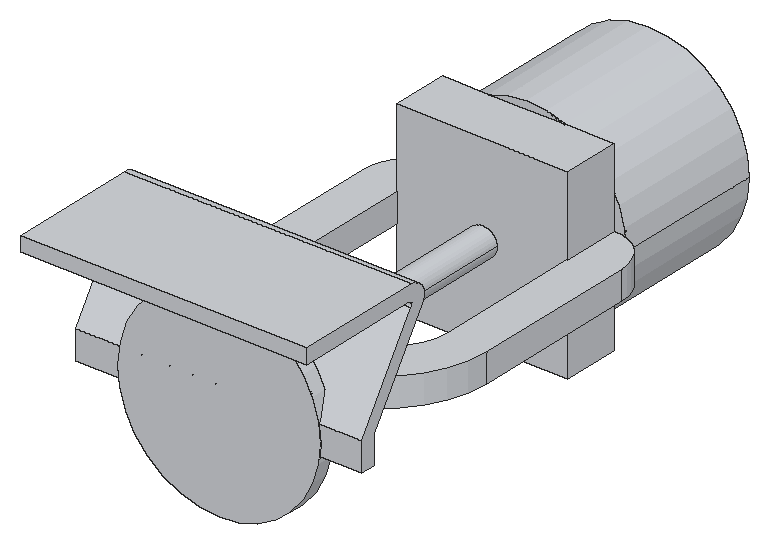
Revit family
Parameters (values of type "RASCO SW56 HSW")
  Temperature Rating = 135 °F
  Response = 1
  RASCO SIN # = "R6834"
  RASCO Part # = "SWH0B"
  Pressure Rating = "300 PSI"
  Pressure Class = 1
  Orifice Size = 1/2"
  Orifice = (empty or 0)
  Model = "SW56"
  Manufacturer = "RASCO"
  K-Factor = 5.6
  Description = "Bronze Finish"
  Coverage = (empty or 0)
Reference planes (in)
  plane 1 "Center (Front/Back)": y = 0
  plane 2: z = 0
  plane 3 "Center (Left/Right)": x = 0
Dimensions and locks (in)
  aligned and locked: plane 2 to level
Nested families (in)
  nested 1: "SWH0B" at (0, 0, -0.38421), type "RASCO SW56 HSW"
Connectors (in)
  piping at (-0.01236, 1.34926, 0.87163)
    settings: on nested 1, index 1, connector radius 115/256", flow factor 0, pipe flow 0 GPM, pressure drop 0.00 psi, fitting loss kfactor 0, connector angle 0.00°, fixture units 0, flow configuration 0, flow direction 0, fitting loss method 0, system type 7, connector reference index -1, connector utility 0, adjustable connector no, is connector primary yes, fitting loss table "", connector description ""
Definition of nested family "SWH0B"
  Parameters (values of type "RASCO SW56 HSW")
    Type Comments = ""
    Temperature Rating = 0 °F
    Response = (empty or 0)
    Pressure Rating = "0"
    Pressure Class = (empty or 0)
    Orifice Size = 0"
    Orifice = (empty or 0)
    Model = ""
    Manufacturer = ""
    K-Factor = 0
    Description = ""
    Coverage = (empty or 0)
    Assembly Code = ""
  Reference planes (in)
    plane 1 "Center (Front/Back)": y = 0
    plane 2: z = 0
    plane 3 "ref.2": z = 0.6875
    plane 4 "ref.3": z = 0.9375
    plane 5: x = -0.38065
    plane 6: x = 0.36935
    plane 7 "ref. side 1": y = 0.06402
    plane 8 "ref. side 2": y = -0.06098
    plane 9 "ref.4": z = 1.875
    plane 10 "ref.5": z = 2.3125
    plane 11 "ref.6": z = 2.4375
    plane 12 "center": x = -0.00574
  Forms (in)
    Extrusion 1, solid
      sketch origin (-0.01236, 1.37309, 1.25584) x (-1, 0, 0) y (0, 0, -1)
        loop
          circle (0, 0) r 0.4379
      from 0.02383 to 0.6875
    Extrusion 2, solid
      sketch origin (0.10949, 0.68559, 1.20407) x (-1, 0, 0) y (0, 0, -1)
        loop
          line (-0.2588, 0.356) -> (-0.2588, -0.4565) -> (0.4912, -0.4565) -> (0.4912, 0.356) -> (-0.2588, 0.356)
      from 0 to 0.25
    Extrusion 3, solid
      sketch origin (-0.01236, 1.3722, 1.25584) x (-1, 0, 0) y (0, -1, 0)
        loop
          line (-0.38065, 0.68754) -> (-0.38065, 1.58397)
          arc (-0.38065, 1.58397) -> (-0.29541, 1.78976) -> (-0.08962, 1.875) r 0.29103
          line (-0.08962, 1.875) -> (0.07524, 1.875)
          arc (0.07524, 1.875) -> (0.28321, 1.78886) -> (0.36935, 1.58089) r 0.29411
          line (0.36935, 1.58089) -> (0.36935, 0.68751)
          arc (0.36935, 0.68751) -> (0.50207, 0.74393) -> (0.55685, 0.87734) r 0.18984
          line (0.55685, 0.87734) -> (0.55685, 1.61676)
          arc (0.55685, 1.61676) -> (0.42629, 1.93194) -> (0.11111, 2.0625) r 0.44574
          line (0.11111, 2.0625) -> (-0.12259, 2.0625)
          arc (-0.12259, 2.0625) -> (-0.43765, 1.932) -> (-0.56815, 1.61694) r 0.44556
          line (-0.56815, 1.61694) -> (-0.56815, 0.87876)
          arc (-0.56815, 0.87876) -> (-0.51345, 0.74486) -> (-0.38065, 0.68754) r 0.19126
      from -0.06402 to 0.06098
    Extrusion 4, solid
      sketch origin (-0.01236, 0.43559, 1.25584) x (1, 0, 0) y (0, 0, 1)
        loop
          circle (0.00574, -0.00152) r 0.0625
      from 0 to 0.9375
    Extrusion 5, solid
      sketch origin (-0.01236, -0.50191, 1.25584) x (1, 0, 0) y (0, 0, 1)
        loop
          circle (0.00574, -0.00152) r 0.1875
      from 0 to 0.4375
    Extrusion 6, solid
      sketch origin (-0.01236, -0.89954, 1.2504) x (-1, 0, 0) y (0, 0, 1)
        loop
          circle (-0.00574, -0.00152) r 0.44275
      from -0.10531 to -0.03987
    Extrusion 7, solid
      sketch origin (-0.00662, 1.2679, 1.26334) x (0, -1, 0) y (0, 0, 1)
        loop
          line (2.27263, -0.06402) -> (2.27263, 0.06098) -> (2.00466, 0.4658)
          arc (2.00466, 0.4658) -> (2.00382, 0.48409) -> (2.01953, 0.49348) r 0.01783
          line (2.01953, 0.49348) -> (2.57559, 0.49348) -> (2.57559, 0.55848) -> (2.00257, 0.55848)
          arc (2.00257, 0.55848) -> (1.94355, 0.52319) -> (1.9467, 0.4545) r 0.067
          line (1.9467, 0.4545) -> (2.20719, 0.06098) -> (2.20719, -0.06402) -> (2.27263, -0.06402)
      from -0.62515 to 0.62904
  Cuts and joins
    joined: Extrusion 1, Extrusion 2, Extrusion 4
